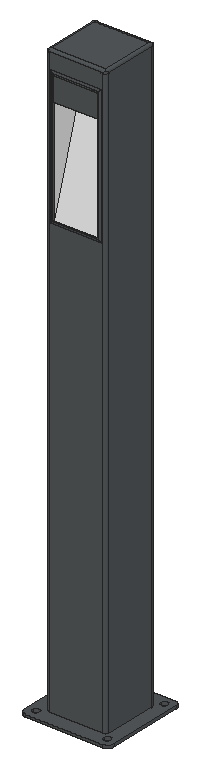
Revit family "svetilnik_alfresco_ar deko_dtu19", category Lighting Fixtures, Revit 2016 (continued)
Definition of nested family "Источник света Ар_Деко"
  Types (5, lengths in mm): name | Photometric Web File | built-in parameter 1150142
    (no name) | "DTU19ArDeco16w.ies" | "IESNA:LM-63-1995\r\n[TEST] alf\r\n[MANUFAC] Alfresco\r\n[LUMCAT]  \r\n[LUMINAIRE] Ar Deco LED 16Âò 4000K\r\n[LAMPCAT] LED\r\n[LAMP] 1000 lm, 8 W\r\n[OTHER] \r\n[MORE] \r\nTILT=NONE\r\n1 1000 1 181 144 1 2 0.200 0.230 0.100\r\n1.0 1.0 16\r\n   0.0   1.0   2.0   3.0   4.0   5.0   6.0   7.0   8.0   9.0  10.0  11.0  12.0\r\n  13.0  14.0  15.0  16.0  17.0  18.0  19.0  20.0  21.0  22.0  23.0  24.0  25.0\r\n  26.0  27.0  28.0  29.0  30.0  31.0  32.0  33.0  34.0  35.0  36.0  37.0  38.0\r\n  39.0  40.0  41.0  42.0  43.0  44.0  45.0  46.0  47.0  48.0  49.0  50.0  51.0\r\n  52.0  53.0  54.0  55.0  56.0  57.0  58.0  59.0  60.0  61.0  62.0  63.0  64.0\r\n  65.0  66.0  67.0  68.0  69.0  70.0  71.0  72.0  73.0  74.0  75.0  76.0  77.0\r\n  78.0  79.0  80.0  81.0  82.0  83.0  84.0  85.0  86.0  87.0  88.0  89.0  90.0\r\n  91.0  92.0  93.0  94.0  95.0  96.0  97.0  98.0  99.0 100.0 101.0 102.0 103.0\r\n 104.0 105.0 106.0 107.0 108.0 109.0 110.0 111.0 112.0 113.0 114.0 115.0 116.0\r\n 117.0 118.0 119.0 120.0 121.0 122.0 123.0 124.0 125.0 126.0 127.0 128.0 129.0\r\n 130.0 131.0 132.0 133.0 134.0 135.0 136.0 137.0 138.0 139.0 140.0 141.0 142.0\r\n 143.0 144.0 145.0 146.0 147.0 148.0 149.0 150.0 151.0 152.0 153.0 154.0 155.0\r\n 156.0 157.0 158.0 159.0 160.0 161.0 162.0 163.0 164.0 165.0 166.0 167.0 168.0\r\n 169.0 170.0 171.0 172.0 173.0 174.0 175.0 176.0 177.0 178.0 179.0 180.0\r\n   0.0   2.5   5.0   7.5  10.0  12.5  15.0  17.5  20.0  22.5  25.0  27.5  30.0\r\n  32.5  35.0  37.5  40.0  42.5  45.0  47.5  50.0  52.5  55.0  57.5  60.0  62.5\r\n  65.0  67.5  70.0  72.5  75.0  77.5  80.0  82.5  85.0  87.5  90.0  92.5  95.0\r\n  97.5 100.0 102.5 105.0 107.5 110.0 112.5 115.0 117.5 120.0 122.5 125.0 127.5\r\n 130.0 132.5 135.0 137.5 140.0 142.5 145.0 147.5 150.0 152.5 155.0 157.5 160.0\r\n 162.5 165.0 167.5 170.0 172.5 175.0 177.5 180.0 182.5 185.0 187.5 190.0 192.5\r\n 195.0 197.5 200.0 202.5 205.0 207.5 210.0 212.5 215.0 217.5 220.0 222.5 225.0\r\n 227.5 230.0 232.5 235.0 237.5 240.0 242.5 245.0 247.5 250.0 252.5 255.0 257.5\r\n 260.0 262.5 265.0 267.5 270.0 272.5 275.0 277.5 280.0 282.5 285.0 287.5 290.0\r\n 292.5 295.0 297.5 300.0 302.5 305.0 307.5 310.0 312.5 315.0 317.5 320.0 322.5\r\n 325.0 327.5 330.0 332.5 335.0 337.5 340.0 342.5 345.0 347.5 350.0 352.5 355.0\r\n 357.5\r\n       0.0       0.0       0.3       0.2       0.3       0.2       0.2       0.2\r\n       0.3       0.4       0.3       0.6      42.2     117.1     170.7     214.2\r\n     258.7     319.6     369.3     451.0     520.0     533.0     535.9     537.3\r\n     538.1     538.9     540.3     540.7     541.3     539.5     539.1     541.1\r\n     537.8     538.1     538.0     534.4     536.2     536.2     536.0     534.2\r\n     534.6     534.5     531.1     526.4     523.8     518.6     512.4     510.6\r\n     507.9     508.0     504.1     496.7     479.1     456.8     426.3     398.5\r\n     375.1     358.5     344.5     328.6     309.2     299.3     289.2     271.3\r\n     255.6     247.7     236.6     219.3     199.9     188.8     177.4     168.0\r\n     146.3     133.2     112.5      99.6      89.3      71.8      54.9      33.8\r\n      15.4       2.2       0.4       0.3       0.3       0.3       0.3       0.3\r\n       0.3       0.3       0.3       0.3       0.3       0.3       0.3       0.3\r\n       0.3       0.3       0.3       0.3       0.3       0.3       0.3       0.3\r\n       0.3       0.3       0.3       0.3       0.3       0.3       0.3       0.3\r\n       0.3       0.3       0.4       0.3       0.3       0.3       0.3       0.3\r\n       0.3       0.3       0.3       0.3       0.3       0.3       0.3       0.3\r\n       0.3       0.3       0.3       0.3       0.4       0.3       0.3       0.3\r\n       0.3       0.3       0.3       0.3       0.3       0.3       0.3       0.4\r\n       0.3       0.4       0.3       0.3       0.4       0.4       0.3       0.3\r\n       0.3       0.3       0.4       0.4       0.4       0.3       0.4       0.3\r\n       0.4       0.3       0.3       0.3       0.3       0.3       0.3       0.3\r\n       0.3       0.3       0.3       0.2       0.1       0.1       0.1       0.1\r\n       0.1       0.1       0.0       0.0       0.0\r\n       0.0       0.0       0.3       0.2       0.3       0.2       0.2       0.2\r\n       0.3       0.4       0.3       0.5      41.0     117.7     171.3     215.4\r\n     260.8     325.4     378.6     456.3     517.0     532.5     531.2     530.6\r\n     533.8     535.4     537.1     536.8     539.4     539.8     540.8     537.7\r\n     538.8     539.1     536.6     538.5     538.5     534.2     532.0     530.3\r\n     527.0     525.0     524.0     520.7     516.4     516.6     521.3     520.7\r\n     515.6     508.0     502.8     491.4     475.0     452.1     422.1     394.1\r\n     372.7     356.3     342.1     325.4     311.5     302.9     290.4     269.2\r\n     249.8     239.8     231.4     216.1     200.7     190.4     184.1     168.2\r\n     151.5     134.0     110.8      93.3      87.5      70.4      51.7      31.3\r\n      11.2       1.4       0.3       0.2       0.3       0.3       0.2       0.3\r\n       0.3       0.3       0.3       0.3       0.3       0.3       0.3       0.3\r\n       0.3       0.3       0.3       0.3       0.3       0.3       0.3       0.3\r\n       0.3       0.3       0.3       0.3       0.3       0.3       0.3       0.3\r\n       0.3       0.3       0.3       0.3       0.3       0.3       0.3       0.3\r\n       0.3       0.3       0.3       0.3       0.3       0.3       0.3       0.3\r\n       0.3       0.3       0.3       0.3       0.3       0.3       0.3       0.3\r\n       0.3       0.3       0.3       0.3       0.3       0.3       0.3       0.3\r\n       0.3       0.3       0.3       0.3       0.3       0.3       0.3       0.3\r\n       0.3       0.3       0.3       0.3       0.3       0.3       0.3       0.3\r\n       0.3       0.3       0.3       0.3       0.3       0.3       0.3       0.3\r\n       0.3       0.3       0.3       0.2       0.1       0.1       0.1       0.1\r\n       0.1       0.1       0.0       0.0       0.0\r\n       0.0       0.0       0.3       0.2       0.3       0.2       0.2       0.2\r\n       0.3       0.4       0.3       0.5      37.1     116.6     171.3     213.0\r\n     256.4     316.4     371.9     447.1     517.9     530.3     527.4     530.0\r\n     532.0     533.4     534.7     538.3     537.7     537.7     539.1     537.0\r\n     539.6     538.7     536.7     536.3     535.7     535.0     531.7     528.4\r\n     525.6     522.4     519.0     519.8     521.5     516.3     509.2     504.6\r\n     499.6     497.0     491.2     484.9     473.6     454.6     426.7     394.4\r\n     372.6     354.1     339.1     322.1     304.7     296.7     285.9     264.5\r\n     250.2     241.4     232.9     222.3     204.4     193.5     181.5     167.0\r\n     144.6     128.3     108.2      97.8      87.7      72.8      54.3      33.6\r\n      13.7       2.0       0.3       0.3       0.3       0.3       0.3       0.3\r\n       0.3       0.3       0.3       0.3       0.3       0.3       0.3       0.3\r\n       0.3       0.3       0.3       0.3       0.3       0.3       0.3       0.3\r\n       0.3       0.3       0.3       0.3       0.3       0.3       0.3       0.3\r\n       0.3       0.3       0.3       0.3       0.3       0.3       0.3       0.3\r\n       0.3       0.3       0.3       0.3       0.3       0.3       0.3       0.3\r\n       0.3       0.3       0.3       0.3       0.3       0.2       0.3       0.2\r\n       0.3       0.3       0.3       0.3       0.3       0.3       0.3       0.3\r\n       0.3       0.3       0.3       0.3       0.3       0.3       0.3       0.3\r\n       0.3       0.3       0.3       0.3       0.3       0.3       0.3       0.3\r\n       0.3       0.3       0.3       0.3       0.3       0.3       0.3       0.3\r\n       0.3       0.3       0.3       0.2       0.1       0.1       0.1       0.1\r\n       0.1       0.1       0.0       0.0       0.0\r\n       0.0       0.0       0.3       0.2       0.3       0.2       0.2       0.2\r\n       0.3       0.4       0.3       0.4      31.5     112.4     168.7     208.9\r\n     248.4     300.9     354.4     425.2     517.9     531.8     530.2     529.9\r\n     530.6     536.5     536.2     538.3     536.7     539.1     540.4     539.2\r\n     537.9     531.5     533.7     529.8     525.5     525.8     526.8     527.4\r\n     527.9     526.1     524.3     519.1     514.8     507.6     503.3     501.5\r\n     500.6     497.9     490.3     484.7     474.8     447.6     417.2     391.8\r\n     365.8     347.7     336.4     320.2     303.1     292.4     281.7     264.5\r\n     248.6     241.5     230.1     215.3     197.6     185.6     180.3     164.6\r\n     145.8     129.7     111.5      94.4      87.2      71.8      52.4      30.0\r\n       9.8       1.8       0.3       0.2       0.2       0.2       0.2       0.2\r\n       0.2       0.2       0.2       0.2       0.2       0.2       0.2       0.2\r\n       0.2       0.2       0.2       0.2       0.2       0.2       0.2       0.2\r\n       0.2       0.2       0.2       0.2       0.2       0.2       0.2       0.2\r\n       0.2       0.2       0.2       0.2       0.2       0.2       0.2       0.3\r\n       0.2       0.2       0.2       0.3       0.3       0.2       0.2       0.2\r\n       0.2       0.2       0.2       0.2       0.2       0.2       0.2       0.3\r\n       0.3       0.3       0.3       0.3       0.3       0.3       0.3       0.3\r\n       0.3       0.3       0.3       0.3       0.3       0.3       0.3       0.3\r\n       0.3       0.3       0.3       0.3       0.3       0.3       0.3       0.3\r\n       0.3       0.3       0.3       0.3       0.3       0.3       0.3       0.3\r\n       0.3       0.3       0.3       0.2       0.1       0.1       0.1       0.1\r\n       0.1       0.1       0.0       0.0       0.0\r\n       0.0       0.0       0.3       0.2       0.3       0.2       0.2       0.2\r\n       0.3       0.4       0.3       0.4      24.8     106.4     163.6     206.3\r\n     243.7     291.4     344.2     412.1     509.4     531.4     536.1     533.0\r\n     534.5     532.9     533.5     534.3     531.7     535.9     534.5     534.5\r\n     533.7     536.8     533.2     532.0     529.5     529.5     526.3     520.8\r\n     518.4     513.6     509.1     504.7     501.3     500.4     500.1     498.3\r\n     494.3     492.8     492.5     486.7     472.0     455.7     428.9     397.0\r\n     373.1     355.6     342.6     322.3     305.8     298.4     287.7     272.8\r\n     252.2     238.0     232.3     218.8     200.2     187.3     178.3     166.9\r\n     148.8     131.4     112.9      98.6      86.1      72.1      52.4      35.6\r\n      14.2       2.5       0.3       0.2       0.2       0.2       0.2       0.2\r\n       0.2       0.2       0.2       0.2       0.2       0.2       0.2       0.2\r\n       0.2       0.2       0.2       0.2       0.2       0.2       0.2       0.2\r\n       0.2       0.2       0.2       0.2       0.2       0.2       0.2       0.2\r\n       0.2       0.2       0.2       0.2       0.2       0.2       0.2       0.2\r\n       0.2       0.2       0.2       0.2       0.2       0.2       0.2       0.2\r\n       0.2       0.2       0.2       0.2       0.2       0.2       0.2       0.2\r\n       0.2       0.2       0.2       0.3       0.3       0.3       0.3       0.3\r\n       0.3       0.2       0.3       0.3       0.3       0.3       0.3       0.3\r\n       0.3       0.2       0.3       0.3       0.3       0.3       0.3       0.3\r\n       0.3       0.3       0.3       0.3       0.3       0.3       0.3       0.3\r\n       0.3       0.3       0.3       0.2       0.1       0.1       0.1       0.1\r\n       0.1       0.1       0.0       0.0       0.0\r\n       0.0       0.0       0.3       0.2       0.3       0.2       0.2       0.2\r\n       0.3       0.3       0.3       0.4      17.1      98.3     157.9     203.3\r\n     243.5     288.8     341.5     399.2     498.2     531.6     536.5     539.6\r\n     536.4     535.9     534.9     534.3     537.2     534.7     532.7     533.5\r\n     531.0     532.8     532.9     531.4     529.8     523.6     521.7     518.2\r\n     512.8     512.5     514.0     513.7     510.4     508.2     506.0     498.4\r\n     492.2     489.1     485.6     482.1     471.4     456.6     430.8     403.0\r\n     372.4     350.6     337.0     324.2     306.0     294.1     282.4     263.5\r\n     245.0     237.5     228.3     216.6     199.1     184.5     174.7     163.3\r\n     145.1     131.5     113.4      96.6      84.9      69.5      52.7      30.9\r\n      11.2       1.5       0.2       0.2       0.2       0.2       0.2       0.2\r\n       0.2       0.2       0.2       0.2       0.2       0.2       0.2       0.2\r\n       0.2       0.2       0.2       0.2       0.2       0.2       0.2       0.2\r\n       0.2       0.2       0.2       0.2       0.2       0.2       0.2       0.2\r\n       0.2       0.2       0.2       0.2       0.2       0.2       0.2       0.2\r\n       0.2       0.2       0.2       0.2       0.2       0.2       0.2       0.2\r\n       0.2       0.2       0.2       0.2       0.2       0.2       0.2       0.2\r\n       0.2       0.2       0.2       0.2       0.2       0.2       0.3       0.2\r\n       0.2       0.2       0.2       0.3       0.2       0.3       0.3       0.2\r\n       0.3       0.3       0.3       0.3       0.3       0.3       0.3       0.3\r\n       0.3       0.3       0.3       0.3       0.3       0.3       0.3       0.3\r\n       0.3       0.3       0.3       0.2       0.1       0.1       0.1       0.1\r\n       0.1       0.1       0.0       0.0       0.0\r\n       0.0       0.0       0.3       0.2       0.3       0.2       0.2       0.2\r\n       0.3       0.3       0.3       0.3      10.3      87.0     151.7     196.3\r\n     240.3     285.3     341.4     390.0     481.8     528.6     532.2     535.8\r\n     537.8     534.6     535.8     536.9     531.3     531.2     531.1     530.2\r\n     530.5     528.0     526.8     526.7     526.2     527.2     525.7     523.0\r\n     522.0     521.3     519.5     512.2     509.3     506.1     499.4     493.6\r\n     491.7     489.9     484.0     481.1     477.4     461.1     435.9     406.7\r\n     376.0     357.7     343.1     328.4     309.8     294.8     284.4     275.9\r\n     255.3     241.5     231.8     221.0     201.3     186.3     177.9     166.5\r\n     151.5     131.3     114.1      94.6      84.8      75.3      57.0      38.1\r\n      17.3       3.9       0.3       0.2       0.2       0.2       0.2       0.2\r\n       0.2       0.2       0.2       0.2       0.2       0.2       0.2       0.2\r\n       0.2       0.2       0.2       0.2       0.2       0.2       0.2       0.2\r\n       0.2       0.2       0.2       0.2       0.2       0.2       0.2       0.2\r\n       0.2       0.2       0.2       0.2       0.2       0.2       0.2       0.2\r\n       0.2       0.2       0.2       0.2       0.2       0.2       0.2       0.2\r\n       0.2       0.2       0.2       0.2       0.2       0.2       0.2       0.2\r\n       0.2       0.2       0.2       0.2       0.2       0.2       0.2       0.2\r\n       0.2       0.2       0.2       0.2       0.2       0.2       0.2       0.3\r\n       0.2       0.3       0.3       0.2       0.3       0.2       0.3       0.2\r\n       0.3       0.3       0.3       0.3       0.3       0.3       0.3       0.3\r\n       0.3       0.3       0.3       0.2       0.1       0.1       0.1       0.1\r\n       0.1       0.1       0.0       0.0       0.0\r\n       0.0       0.0       0.3       0.2       0.3       0.2       0.2       0.2\r\n       0.3       0.3       0.3       0.3       5.6      74.0     142.7     185.2\r\n     227.7     273.3     331.6     380.2     456.3     516.8     525.8     527.5\r\n     529.4     529.3     531.3     530.5     530.9     531.4     533.3     533.4\r\n     529.7     529.5     529.1     528.6     524.5     522.5     521.5     523.8\r\n     519.8     515.4     510.4     509.3     510.5     504.9     496.0     496.7\r\n     495.8     485.4     481.7     478.5     470.5     458.7     435.0     404.8\r\n     378.5     352.6     336.8     324.0     302.7     289.1     279.9     268.3\r\n     250.2     234.6     224.6     215.6     198.0    
       184.8     177.1     168.2\r\n     148.5     131.1     112.8      92.9      83.8      71.8      53.2      32.4\r\n      14.6       2.9       0.3       0.2       0.2       0.2       0.2       0.2\r\n       0.2       0.2       0.2       0.2       0.2       0.2       0.2       0.2\r\n       0.2       0.2       0.2       0.2       0.2       0.2       0.2       0.2\r\n       0.2       0.2       0.2       0.2       0.2       0.2       0.2       0.2\r\n       0.2       0.2       0.2       0.2       0.2       0.2       0.2       0.2\r\n       0.2       0.2       0.2       0.2       0.2       0.2       0.2       0.2\r\n       0.2       0.2       0.2       0.2       0.2       0.2       0.2       0.2\r\n       0.2       0.2       0.2       0.2       0.2       0.2       0.2       0.2\r\n       0.2       0.2       0.2       0.2       0.2       0.2       0.2       0.2\r\n       0.2       0.2       0.2       0.2       0.2       0.2       0.2       0.2\r\n       0.2       0.2       0.3       0.3       0.3       0.3       0.3       0.3\r\n       0.3       0.2       0.3       0.2       0.1       0.1       0.1       0.1\r\n       0.1       0.1       0.0       0.0       0.0\r\n       0.0       0.0       0.3       0.2       0.3       0.2       0.2       0.2\r\n       0.2       0.3       0.3       0.3       3.0      57.8     131.2     175.8\r\n     213.9     254.2     309.6     361.5     426.3     496.4     518.3     521.6\r\n     522.0     526.5     528.8     527.3     530.1     530.1     527.9     528.1\r\n     529.6     526.1     525.1     523.4     523.8     521.6     519.7     517.2\r\n     510.9     512.1     510.7     505.4     500.1     500.7     500.9     495.3\r\n     491.0     489.0     484.7     473.8     466.1     457.6     442.3     420.5\r\n     390.4     360.6     339.4     324.4     309.2     294.8     282.2     270.2\r\n     253.6     236.1     225.6     220.7     207.6     187.4     175.1     164.9\r\n     150.6     131.6     116.0      97.2      85.2      73.7      59.6      42.3\r\n      20.7       4.6       0.6       0.2       0.2       0.2       0.2       0.2\r\n       0.2       0.2       0.2       0.2       0.2       0.2       0.2       0.2\r\n       0.2       0.2       0.2       0.2       0.2       0.2       0.2       0.2\r\n       0.2       0.2       0.2       0.2       0.2       0.2       0.2       0.2\r\n       0.2       0.2       0.2       0.2       0.2       0.2       0.2       0.2\r\n       0.2       0.2       0.2       0.2       0.2       0.2       0.2       0.2\r\n       0.2       0.2       0.2       0.2       0.2       0.2       0.2       0.2\r\n       0.2       0.2       0.2       0.2       0.2       0.2       0.2       0.2\r\n       0.2       0.2       0.2       0.2       0.2       0.2       0.2       0.2\r\n       0.2       0.2       0.2       0.2       0.2       0.2       0.2       0.2\r\n       0.2       0.2       0.3       0.3       0.3       0.3       0.3       0.3\r\n       0.3       0.2       0.2       0.2       0.1       0.1       0.1       0.1\r\n       0.1       0.1       0.0       0.0       0.0\r\n       0.0       0.0       0.3       0.2       0.3       0.2       0.2       0.2\r\n       0.2       0.3       0.3       0.3       1.6      39.6     116.9     167.7\r\n     204.9     239.5     287.5     343.8     402.9     479.9     517.1     516.6\r\n     519.4     523.2     523.0     523.6     523.4     524.0     522.8     521.7\r\n     522.0     522.2     521.9     522.1     521.8     519.6     518.8     515.6\r\n     516.6     512.9     511.5     509.2     505.1     500.1     495.2     490.9\r\n     488.2     483.0     478.7     473.7     468.9     461.8     447.7     422.6\r\n     393.9     365.1     342.3     324.4     311.4     292.9     280.4     272.3\r\n     258.8     239.3     223.7     215.5     206.0     186.9     173.0     163.6\r\n     147.2     129.9     113.1      96.6      82.6      73.5      59.7      39.4\r\n      21.3       3.1       0.3       0.2       0.2       0.2       0.2       0.2\r\n       0.2       0.2       0.2       0.2       0.2       0.2       0.2       0.2\r\n       0.2       0.2       0.2       0.2       0.2       0.2       0.2       0.2\r\n       0.2       0.2       0.2       0.2       0.2       0.2       0.2       0.2\r\n       0.2       0.2       0.2       0.2       0.2       0.2       0.2       0.2\r\n       0.2       0.2       0.2       0.2       0.2       0.2       0.2       0.2\r\n       0.2       0.2       0.2       0.2       0.2       0.2       0.2       0.2\r\n       0.2       0.2       0.2       0.2       0.2       0.2       0.2       0.2\r\n       0.2       0.2       0.2       0.2       0.2       0.2       0.2       0.2\r\n       0.2       0.2       0.2       0.2       0.2       0.2       0.2       0.2\r\n       0.2       0.2       0.2       0.2       0.2       0.3       0.3       0.3\r\n       0.3       0.2       0.2       0.2       0.1       0.1       0.1       0.1\r\n       0.1       0.1       0.0       0.0       0.0\r\n       0.0       0.0       0.3       0.2       0.2       0.2       0.1       0.1\r\n       0.2       0.3       0.3       0.3       0.8      24.4      98.1     155.5\r\n     197.5     231.7     271.0     326.4     379.4     449.5     511.6     519.7\r\n     520.4     522.0     522.0     524.0     524.2     522.1     525.8     522.8\r\n     522.7     520.4     520.4     519.3     520.3     519.2     516.3     512.7\r\n     510.1     508.6     505.0     502.2     498.2     496.8     493.5     487.8\r\n     481.2     476.8     475.1     469.4     462.9     458.2     450.1     432.8\r\n     407.9     374.0     346.2     326.5     311.5     296.7     279.6     267.5\r\n     258.5     243.5     226.3     214.7     205.7     188.7     172.0     163.4\r\n     152.6     135.9     120.9     106.4      89.0      76.8      60.2      42.1\r\n      21.9       6.7       1.0       0.2       0.2       0.2       0.2       0.2\r\n       0.2       0.2       0.2       0.2       0.2       0.2       0.2       0.2\r\n       0.2       0.2       0.2       0.2       0.2       0.2       0.2       0.2\r\n       0.2       0.2       0.2       0.2       0.2       0.2       0.2       0.2\r\n       0.2       0.2       0.2       0.2       0.2       0.2       0.2       0.2\r\n       0.2       0.2       0.2       0.2       0.2       0.2       0.2       0.2\r\n       0.2       0.2       0.2       0.2       0.2       0.2       0.2       0.2\r\n       0.2       0.2       0.2       0.2       0.2       0.2       0.2       0.2\r\n       0.2       0.2       0.2       0.2       0.2       0.2       0.2       0.2\r\n       0.2       0.2       0.2       0.2       0.2       0.2       0.2       0.2\r\n       0.2       0.2       0.2       0.2       0.2       0.3       0.3       0.3\r\n       0.3       0.2       0.2       0.2       0.1       0.1       0.1       0.1\r\n       0.1       0.1       0.0       0.0       0.0\r\n       0.0       0.0       0.3       0.2       0.2       0.1       0.1       0.1\r\n       0.2       0.3       0.3       0.3       0.4      12.8      75.6     139.3\r\n     184.5     221.9     257.5     307.2     359.1     425.9     491.7     520.2\r\n     521.2     519.3     520.9     520.9     520.0     518.8     518.9     518.1\r\n     516.0     516.9     513.6     512.2     510.0     509.2     508.0     507.5\r\n     504.7     502.8     498.6     498.8     493.5     488.2     485.7     479.7\r\n     479.5     474.0     467.7     459.3     455.2     448.4     441.6     427.0\r\n     409.5     386.2     359.5     333.6     313.4     297.2     277.5     262.9\r\n     256.2     242.3     223.5     210.3     200.2     187.1     172.0     159.0\r\n     149.0     135.2     114.9      99.9      81.8      73.6      61.0      45.9\r\n      25.8       9.6       0.6       0.2       0.2       0.2       0.2       0.2\r\n       0.2       0.2       0.2       0.2       0.2       0.2       0.2       0.2\r\n       0.2       0.2       0.2       0.2       0.2       0.2       0.2       0.2\r\n       0.2       0.2       0.2       0.2       0.2       0.2       0.2       0.2\r\n       0.2       0.2       0.2       0.2       0.2       0.2       0.2       0.2\r\n       0.2       0.2       0.2       0.2       0.2       0.2       0.2       0.2\r\n       0.2       0.2       0.2       0.2       0.2       0.2       0.2       0.2\r\n       0.2       0.2       0.2       0.2       0.2       0.2       0.2       0.2\r\n       0.2       0.2       0.2       0.2       0.2       0.2       0.2       0.2\r\n       0.2       0.2       0.2       0.2       0.2       0.2       0.2       0.2\r\n       0.2       0.2       0.2       0.2       0.2       0.3       0.3       0.3\r\n       0.3       0.2       0.2       0.2       0.1       0.1       0.1       0.1\r\n       0.1       0.1       0.0       0.0       0.0\r\n       0.0       0.0       0.3       0.2       0.2       0.1       0.1       0.1\r\n       0.2       0.3       0.3       0.3       0.3       5.2      51.5     120.8\r\n     166.9     206.4     243.7     285.3     335.3     390.7     465.9     512.5\r\n     520.0     518.1     517.4     517.9     519.2     516.1     513.0     513.7\r\n     513.5     513.6     511.7     508.8     502.8     504.8     501.6     501.9\r\n     500.6     495.0     488.6     485.0     484.3     484.3     476.8     474.7\r\n     473.9     467.6     462.5     459.8     451.6     444.8     439.7     429.0\r\n     413.1     391.0     362.7     336.9     316.9     300.0     284.3     268.8\r\n     253.6     240.8     222.8     207.8     198.8     189.8     173.2     158.0\r\n     149.7     138.9     121.7     104.0      85.7      73.0      63.0      46.5\r\n      28.9      10.6       1.5       0.2       0.2       0.2       0.2       0.2\r\n       0.2       0.2       0.2       0.2       0.2       0.2       0.2       0.2\r\n       0.2       0.2       0.2       0.2       0.2       0.2       0.2       0.2\r\n       0.2       0.2       0.2       0.2       0.2       0.2       0.2       0.2\r\n       0.2       0.2       0.2       0.2       0.2       0.2       0.2       0.2\r\n       0.2       0.2       0.2       0.2       0.2       0.2       0.2       0.2\r\n       0.2       0.2       0.2       0.2       0.2       0.2       0.2       0.2\r\n       0.2       0.2       0.2       0.2       0.2       0.2       0.2       0.2\r\n       0.2       0.2       0.2       0.2       0.2       0.2       0.2       0.2\r\n       0.2       0.2       0.2       0.2       0.2       0.2       0.2       0.2\r\n       0.2       0.2       0.2       0.2       0.2       0.2       0.3       0.3\r\n       0.3       0.2       0.2       0.2       0.1       0.1       0.1       0.1\r\n       0.1       0.1       0.0       0.0       0.0\r\n       0.0       0.0       0.3       0.2       0.2       0.1       0.1       0.1\r\n       0.2       0.3       0.3       0.3       0.2       2.0      29.2      96.4\r\n     148.8     190.1     226.0     262.2     306.3     356.1     424.8     486.5\r\n     515.6     514.6     514.5     510.8     510.1     512.6     511.6     508.2\r\n     507.1     506.4     505.1     503.3     503.2     497.2     497.1     493.3\r\n     491.6     490.2     489.0     486.3     480.9     476.9     475.0     470.7\r\n     463.8     460.1     452.6     450.4     447.5     444.0     437.7     429.1\r\n     416.0     397.4     374.0     344.9     324.5     305.6     288.9     266.9\r\n     255.9     243.2     231.3     214.4     201.9     192.3     177.4     160.8\r\n     147.2     133.6     120.7     102.5      87.6      71.5      61.0      50.6\r\n      33.3      15.1       2.6       0.2       0.2       0.2       0.2       0.2\r\n       0.2       0.2       0.2       0.2       0.2       0.2       0.2       0.2\r\n       0.2       0.2       0.2       0.2       0.2       0.2       0.2       0.2\r\n       0.2       0.2       0.2       0.2       0.2       0.2       0.2       0.2\r\n       0.2       0.2       0.2       0.2       0.2       0.2       0.2       0.2\r\n       0.2       0.2       0.2       0.2       0.2       0.2       0.2       0.2\r\n       0.2       0.2       0.2       0.2       0.2       0.2       0.2       0.2\r\n       0.2       0.2       0.2       0.2       0.2       0.2       0.2       0.2\r\n       0.2       0.2       0.2       0.2       0.2       0.2       0.2       0.2\r\n       0.2       0.2       0.2       0.2       0.2       0.2       0.2       0.2\r\n       0.2       0.2       0.2       0.2       0.2       0.2       0.2       0.3\r\n       0.3       0.2       0.2       0.2       0.1       0.1       0.1       0.1\r\n       0.1       0.1       0.0       0.0       0.0\r\n       0.0       0.0       0.3       0.2       0.2       0.1       0.1       0.1\r\n       0.2       0.3       0.3       0.2       0.2       0.8      12.2      68.4\r\n     127.8     171.5     207.5     241.0     280.9     323.6     377.4     445.8\r\n     499.9     511.4     513.9     510.9     509.2     507.1     508.8     505.4\r\n     503.2     501.3     500.9     501.3     497.2     495.2     489.0     487.4\r\n     482.5     479.5     479.6     476.7     473.8     469.8     465.6     465.3\r\n     460.3     452.3     448.6     439.3     433.5     426.9     420.0     416.8\r\n     410.0     399.0     377.6     351.9     324.1     297.9     286.6     272.5\r\n     253.2     238.1     228.5     211.1     194.4     184.3     174.8     160.3\r\n     146.1     134.7     123.8     104.8      91.5      73.2      63.4      49.4\r\n      35.9      16.1       3.6       0.3       0.2       0.2       0.2       0.2\r\n       0.2       0.2       0.2       0.2       0.2       0.2       0.2       0.2\r\n       0.2       0.2       0.2       0.2       0.2       0.2       0.2       0.2\r\n       0.2       0.2       0.2       0.2       0.2       0.2       0.2       0.2\r\n       0.2       0.2       0.2       0.2       0.2       0.2       0.2       0.2\r\n       0.2       0.2       0.2       0.2       0.2       0.2       0.2       0.2\r\n       0.2       0.2       0.2       0.2       0.2       0.2       0.2       0.2\r\n       0.2       0.2       0.2       0.2       0.2       0.2       0.2       0.2\r\n       0.2       0.2       0.2       0.2       0.2       0.2       0.2       0.2\r\n       0.2       0.2       0.2       0.2       0.2       0.2       0.2       0.2\r\n       0.2       0.2       0.2       0.2       0.2       0.2       0.2       0.3\r\n       0.3       0.2       0.2       0.2       0.1       0.1       0.1       0.1\r\n       0.1       0.1       0.0       0.0       0.0\r\n       0.0       0.0       0.3       0.2       0.2       0.1       0.1       0.1\r\n       0.2       0.3       0.3       0.2       0.2       0.3       3.5      41.9\r\n      99.2     149.7     186.9     222.5     255.2     293.4     338.2     394.3\r\n     458.3     500.9     504.8     507.9     505.3     506.1     502.2     501.3\r\n     500.2     496.1     492.9     490.6     490.4     484.3     484.9     482.2\r\n     477.7     476.7     471.1     466.6     467.5     464.6     460.3     449.2\r\n     447.5     446.3     437.9     434.1     429.6     426.5     420.9     411.6\r\n     406.0     396.4     382.7     363.1     334.8     306.9     283.8     269.9\r\n     252.8     239.7     226.7     215.5     198.0     182.7     172.3     159.6\r\n     145.2     134.4     122.3     106.7      89.6      75.0      62.9      53.5\r\n      40.2      22.5       4.4       0.7       0.2       0.2       0.2       0.2\r\n       0.2       0.2       0.2       0.2       0.2       0.2       0.2       0.2\r\n       0.2       0.2       0.2       0.2       0.2       0.2       0.2       0.2\r\n       0.2       0.2       0.2       0.2       0.2       0.2       0.2       0.2\r\n       0.2       0.2       0.2       0.2       0.2       0.2       0.2       0.2\r\n       0.2       0.2       0.2       0.2       0.2       0.2       0.2       0.2\r\n       0.2       0.2       0.2       0.2       0.2       0.2       0.2       0.2\r\n       0.2       0.2       0.2       0.2       0.2       0.2       0.2       0.2\r\n       0.2       0.2       0.2       0.2       0.2       0.2       0.2       0.2\r\n       0.2       0.2       0.2       0.2       0.2       0.2       0.2       0.2\r\n       0.2       0.2       0.2       0.2       0.2       0.2       0.2       0.2\r\n       0.3       0.2       0.2       0.2       0.1       0.1       0.1       0.1\r\n       0.1       0.1       0.0       0.0       0.0\r\n      
